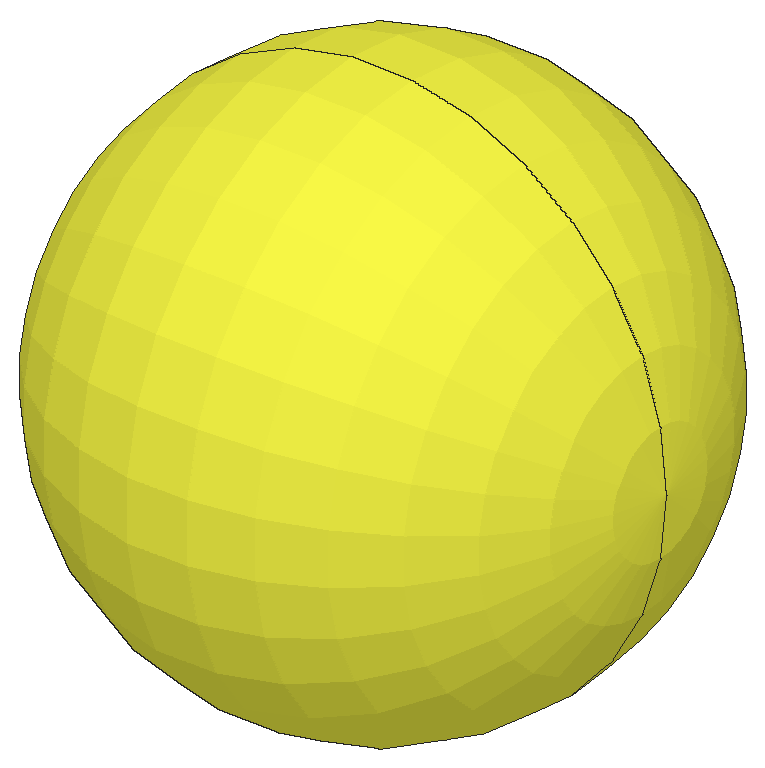
Revit family "SampleFamilySun.rvt", category Обобщенные модели, Revit 2021
Family settings
  Может служить основой для арматурных стержней = Нет
  Размер круглого соединителя = Использовать диаметр
  Тип детали = Нормальный
  На основе рабочей плоскости = Нет
  Всегда вертикально = Да
  При загрузке вырезать с полостями = Нет
  Общий = Да
  Точка принадлежности помещению = Нет
Parameters
  Солнце = Жёлтый
  Отметка по умолчанию = 0 mm
  dz/2 [instance] = dz / 2  # 2500 mm
  dz [instance] = 5000 mm
  dy/2 [instance] = dy / 2  # 2500 mm
  dy [instance] = 5000 mm
  dx/2 [instance] = dx / 2  # 2500 mm
  dx [instance] = 5000 mm
Reference planes
  plane 1 "По центру (Вперед/Назад)": y = 0
  plane 2: z = 0
  plane 3 "По центру (Влево/Вправо)": x = 0
  plane 4: x = 2500
  plane 5: y = 2500
Forms (mm)
  Revolve 1, solid, material "Жёлтый" <- "Солнце"
    sketch origin (0, 0, 0) x (1, 0, 0) y (0, 0, 1)
      loop
        arc (2600, 0) -> (2500, 100) -> (2400, 0) r 100
        line (2400, 0) -> (2600, 0)
      axis (2400, 0) -> (2600, 0)
    angle from 0 to 360
Dimensions and locks
  "dy/2": plane 1 "По центру (Вперед/Назад)" to plane 5
  "dx/2": plane 3 "По центру (Влево/Вправо)" to plane 4
  aligned and locked: level to plane 2
Automatic sketch dimensions
  Revolve 1 sketch curve to level = 0 mm  (x2)
  plane 4 to Revolve 1 sketch curve = 0 mm
  Revolve 1 sketch curve to Revolve 1 sketch curve = 100 mm
  plane 3 "По центру (Влево/Вправо)" to Revolve 1 sketch curve = 640 mm
  Revolve 1 sketch curve to Revolve 1 sketch curve = 1660 mm
